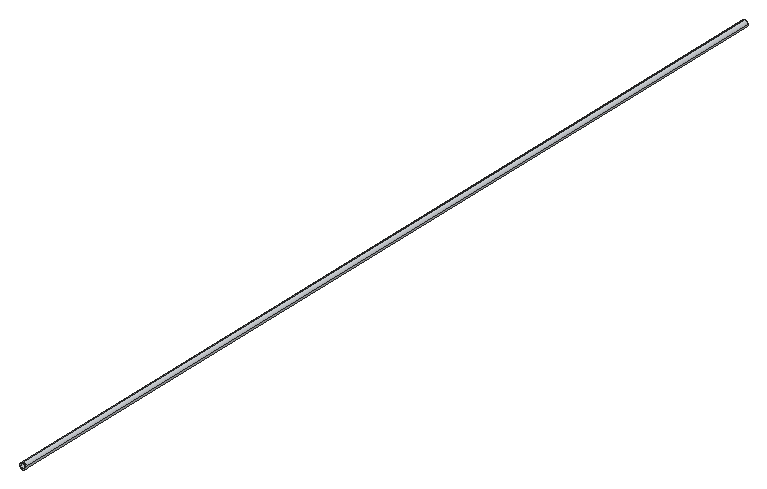
Revit family "GCP25", category Generic Models, Revit 2017
Family settings
  Can host rebar = No
  Round Connector Dimension = Use Diameter
  Part Type = Normal
  Work Plane-Based = Yes
  Always vertical = No
  Cut with Voids When Loaded = No
  Shared = No
  Room Calculation Point = No
Parameters (values of type "NBS Standard Parameters")
  Weight = "3.05Kg"
  WarrantyStartDate [instance] = "1900-12-31T23:59:59"
  WarrantyGuarantorParts = "n/a"
  WarrantyGuarantorLabor = "n/a"
  WarrantyDurationUnit = "1 year"
  WarrantyDurationParts = "n/a"
  WarrantyDurationLabor = "n/a"
  WarrantyDescription = "n/a"
  Version = "1"
  Uniclass2 = "Pr_65_70_11_71"
  TagNumber [instance] = "n/a"
  SustainabilityPerformance = "n/a"
  Size = "25mm"
  Shape = "Circular"
  SerialNumber [instance] = "n/a"
  Revision = "n/a"
  ReplacementCost = "n/a"
  ProductInformation = "www.metpro.co.uk/pdf/gcp25.pdf"
  NominalWidth = 25 mm
  NominalLength = 3750 mm
  NominalHeight = 25 mm
  Name = ""
  NBSTypeID = ""
  NBSReference = "90-55-10/380"
  NBSOfficeMasterTag = ""
  NBSNote = ""
  NBSDescription = "Rigid Conduit"
  NBSCertification = ""
  ModelReference = "GCP25"
  ModelNumber = "n/a"
  Material = "Steel"
  ManufacturerURL = "www.metpro.co.uk"
  ManufacturerName = "Metpro Ltd"
  InstallationDate [instance] = "1900-12-31T23:59:59"
  IfcExportType = ""
  IfcExportAs = ""
  Grade = "n/a"
  Finish = "Pre Galvanised"
  Features = "n/a"
  ExpectedLife = "n/a"
  DurationUnit = "year"
  Description = "GCP25 - 25mm Conduit 3.75 mtr Length"
  Default Elevation = 1219.2 mm
  Constituents = "n/a"
  Color = "n/a"
  CodePerformance = "n/a"
  Category = "n/a"
  BarCode [instance] = "n/a"
  BIMObjectName = "Metpro_metprolibrary_rigidconduit_metal_pregalvanised"
  Author = "Metpro Limited"
  AssetType = ""
  AssetIdentifier [instance] = "n/a"
  AccessibilityPerformance = "n/a"
Reference planes
  plane 1 "Center (Front/Back)": y = 0
  plane 2: z = 0
  plane 3 "Center (Left/Right)": x = 0
Forms (mm)
  Extrusion 1, solid
    sketch origin (-46.687, 2118.914, 144.652) x (-1, 0, 0) y (0, 0, -1)
      loop
        circle (33.495, -15) r 12.5
      loop
        circle (33.495, -15) r 11
    from 0 to 3750
Dimensions and locks
  aligned and locked: level to plane 2
